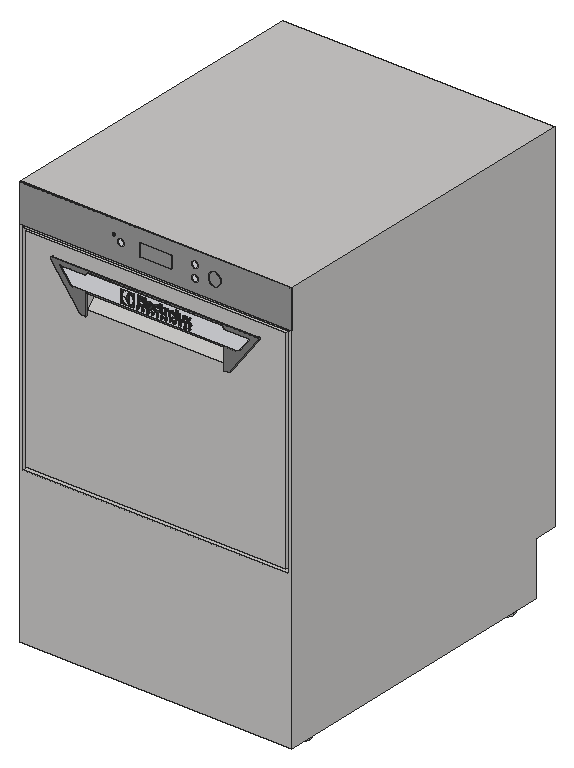
Revit family "QF_ELECTROLUXPROFESSIONAL_402189_ETGWSG1U", category Attrezzature speciali, Revit 2021
Family settings
  Quota connettore circolare = Usa diametro
  Tipo di parte = Normale
  Basato su piano di lavoro = No
  Sempre verticale = Sì
  Taglio con vuoti quando caricato = No
  Condiviso = No
  Punto di calcolo locali = No
Parameters (values of type "Standard")
  Weight = 38.00 kg
  Watts = 2700 W
  Volts = 220 V
  URL Manufacturer = "https://www.electroluxprofessional.com/"
  URL = "https://www.electroluxprofessional.com/"
  Steam Supply Size = 0 mm
  Steam Supply Minimum Pressure = 0.0 Pa
  Steam Supply Maximum Pressure = 0.0 Pa
  Steam Consumption per Hour = 0
  Show Logo [instance] = yes
  Show Clearance [instance] = yes
  Refrigeration Suction Line Size = 0 mm
  Refrigeration Liquid Line Size = 0 mm
  Refrigerant Compressor Remote = yes
  Produttore = "Electrolux Professional"
  Phase = 1
  Modello = "ETGWSG1U"
  Length Actual = 455 mm  # constant formula
  Item Number = "402189"
  Hot Water Size = 0 mm
  Height Actual = 700 mm  # constant formula
  HP = "3.6 HP"
  Gas Size = 0 mm
  Gas KW = 0
  Gas Input Pressure = 0 W
  Direct Waste Size = 29 mm
  Descrizione = "UC GLASSWASHER (S), ELECTRONIC, SINGLE SKIN, PRESSURE, RINSE AID+DET.PUMP, DRAIN P, TANK FILT, 40R/H, 230V/1/50,UK PLUG"
  Prospetto di default = 0 mm
  Depth Actual = 550 mm  # constant formula
  Cycle = 50 Hz
  Condensate Return Size = 0 mm
  Compressed Air Volume = 0.0 L/s
  Compressed Air Size = 0 mm
  Compressed Air Pressure = 0.0 Pa
  Cold Water Size = 19.05 mm
  Accessory = yes
Reference planes
  plane 1 "Center (Front/Back)": y = 0
  plane 2: z = 0
  plane 3 "Center (Left/Right)": x = 0
  plane 4 "LEFT": x = -227.5
  plane 5 "RIGHT": x = 227.5
  plane 6 "FRONT": y = -275
  plane 7 "BACK": y = 275
  plane 8: z = 700
  plane 9: z = 10
  plane 10: y = 236
  plane 11 "2": y = -274
Forms (mm)
  Extrusion 1, solid, material "QF_Finishes_Stainless Steel", detail levels medium+fine
    sketch origin (0, 0, 0) x (1, 0, 0) y (0, 1, 0)
      loop
        line (-227.5, -275) -> (227.5, -275) -> (227.5, 236) -> (-227.5, 236) -> (-227.5, -275)
    from 10 to 700
  Extrusion 2, solid, material "QF_Finishes_Stainless Steel", detail levels medium+fine
    sketch origin (0, 0, 0) x (1, 0, 0) y (0, 1, 0)
      loop
        line (-227.5, 236) -> (227.5, 236) -> (227.5, 275) -> (-227.5, 275) -> (-227.5, 236)
    from 100 to 700
  Extrusion 3, solid, material "QF_Finishes_Stainless Steel", detail levels fine
    sketch origin (0, 0, 0) x (1, 0, 0) y (0, 1, 0)
      loop
        circle (-208, 198) r 12.5
      loop
        circle (208, 198) r 12.5
      loop
        circle (-208, -228) r 12.5
      loop
        circle (208, -228) r 12.5
    from 0 to 10
  Extrusion 4, void
    sketch origin (-227.5, -275, 0) x (-1, 0, 0) y (0, 0, 1)
      loop
        line (-5, 634.145) -> (-450, 634.145) -> (-450, 270) -> (-5, 270) -> (-5, 634.145)
    from 0 to 30
  Extrusion 5, solid, material "QF_Finishes_Stainless Steel"
    sketch origin (-212, -392, 752) x (0, 0, -1) y (1, 0, 0)
      loop
        circle (693, 215.5) r 10
    from -628 to -667
  Extrusion 6, solid, material "QF_Finishes_Stainless Steel"
    sketch origin (-432.481, -392, 722) x (0, 0, -1) y (1, 0, 0)
      loop
        circle (663, 324.981) r 8
    from -628 to -667
  Extrusion 7, solid, material "QF_Finishes_Stainless Steel"
    sketch origin (-268, -392, 682.5) x (0, 0, -1) y (1, 0, 0)
      loop
        circle (663, 230.5) r 8
    from -628 to -667
  Extrusion 8, solid, material "QF_Finishes_Stainless Steel"
    sketch origin (-50.5, 508.026, -145.045) x (0, -1, 0) y (0, 0, 1)
      loop
        line (755.578, 774.145) -> (755.578, 420.045) -> (783.026, 420.045) -> (783.026, 774.145) -> (755.578, 774.145)
    from -268.245 to 167
  Extrusion 9, solid, material "QF_Finishes_Grey"
    sketch origin (1109.779, -277.6, -140) x (-1, 0, 0) y (0, 0, 1)
      loop
        line (1224.779, 677.936) -> (1231.15, 677.936)
        arc (1231.15, 677.936) -> (1234.782, 678.808) -> (1237.622, 681.234) r 8
        line (1237.622, 681.234) -> (1283.237, 744.017)
        arc (1283.237, 744.017) -> (1283.404, 746.136) -> (1281.591, 747.247) r 2.035
        line (1281.591, 747.247) -> (937.967, 747.247)
        arc (937.967, 747.247) -> (936.154, 746.136) -> (936.321, 744.017) r 2.035
        line (936.321, 744.017) -> (981.935, 681.234)
        arc (981.935, 681.234) -> (984.775, 678.808) -> (988.407, 677.936) r 8
        line (988.407, 677.936) -> (994.779, 677.936) -> (994.779, 712.928) -> (1224.779, 712.928) -> (1224.779, 677.936)
      loop
        line (1252.743, 719.058) -> (1268.137, 740.247) -> (1224.779, 740.247) -> (1221.329, 745.174) -> (998.229, 745.174) -> (994.779, 740.247) -> (951.42, 740.247) -> (966.815, 719.058)
        arc (966.815, 719.058) -> (970.365, 716.026) -> (974.905, 714.936) r 10
        line (974.905, 714.936) -> (1244.653, 714.936)
        arc (1244.653, 714.936) -> (1249.192, 716.026) -> (1252.743, 719.058) r 10
    from 2.6 to 0.6
  Extrusion 10, solid, material "QF_Finishes_White"
    sketch origin (1109.779, -277.552, -140) x (-1, 0, 0) y (0, 0, 1)
      loop
        arc (1244.653, 714.936) -> (1249.192, 716.026) -> (1252.743, 719.058) r 10
        line (1252.743, 719.058) -> (1268.137, 740.247) -> (1224.779, 740.247) -> (1221.329, 745.174) -> (998.229, 745.174) -> (994.779, 740.247) -> (951.42, 740.247) -> (966.815, 719.058)
        arc (966.815, 719.058) -> (970.365, 716.026) -> (974.905, 714.936) r 10
        line (974.905, 714.936) -> (1244.653, 714.936)
      loop
        line (1134.538, 728.308) -> (1129.975, 728.308) -> (1129.975, 725.979) -> (1134.559, 725.979) -> (1135.532, 726.049)
        spline (1135.532, 726.049) -> (1136.121, 726.164) -> (1136.653, 726.332) -> (1137.128, 726.553) -> (1137.548, 726.825) -> (1137.914, 727.144) -> (1138.226, 727.51) -> (1138.487, 727.921) -> (1138.698, 728.373) -> (1138.86, 728.866) -> (1138.974, 729.398) -> (1139.041, 729.966) -> (1139.063, 730.569)
        line (1139.063, 730.569) -> (1139.063, 740.368) -> (1130.147, 740.368) -> (1130.147, 738.037) -> (1136.586, 738.037) -> (1136.586, 734.634) -> (1130.533, 734.634) -> (1130.533, 732.296) -> (1136.585, 732.296) -> (1136.585, 730.463)
        spline (1136.585, 730.463) -> (1136.56, 730.049) -> (1136.488, 729.69) -> (1136.376, 729.381) -> (1136.229, 729.119) -> (1136.054, 728.901) -> (1135.857, 728.723) -> (1135.643, 728.582) -> (1135.419, 728.474) -> (1135.19, 728.396) -> (1134.963, 728.345) -> (1134.744, 728.317) -> (1134.538, 728.308)
      loop
        line (1128.214, 733.569) -> (1128.214, 740.372) -> (1125.736, 740.372) -> (1125.736, 725.976) -> (1128.214, 725.976) -> (1128.214, 733.569)
      loop
        line (1113.463, 731.445) -> (1113.505, 730.574) -> (1121.638, 730.574)
        spline (1121.638, 730.574) -> (1121.593, 730.171) -> (1121.504, 729.795) -> (1121.37, 729.446) -> (1121.194, 729.126) -> (1120.977, 728.838) -> (1120.722, 728.582) -> (1120.431, 728.361) -> (1120.104, 728.176) -> (1119.744, 728.03) -> (1119.353, 727.923) -> (1118.933, 727.857) -> (1118.484, 727.835)
        spline (1118.484, 727.835) -> (1118.178, 727.844) -> (1117.89, 727.87) -> (1117.62, 727.912) -> (1117.365, 727.972) -> (1117.124, 728.048) -> (1116.894, 728.141) -> (1116.675, 728.251) -> (1116.463, 728.376) -> (1116.258, 728.518) -> (1116.057, 728.676) -> (1115.86, 728.849) -> (1115.663, 729.039)
        line (1115.663, 729.039) -> (1114.169, 727.586)
        spline (1114.169, 727.586) -> (1114.509, 727.249) -> (1114.853, 726.951) -> (1115.203, 726.69) -> (1115.558, 726.466) -> (1115.918, 726.275) -> (1116.282, 726.116) -> (1116.652, 725.986) -> (1117.026, 725.885) -> (1117.404, 725.809) -> (1117.788, 725.758) -> (1118.175, 725.728) -> (1118.567, 725.719)
        spline (1118.567, 725.719) -> (1119.371, 725.763) -> (1120.127, 725.892) -> (1120.833, 726.104) -> (1121.482, 726.394) -> (1122.071, 726.76) -> (1122.596, 727.198) -> (1123.053, 727.705) -> (1123.436, 728.277) -> (1123.741, 728.911) -> (1123.965, 729.605) -> (1124.102, 730.353) -> (1124.149, 731.154)
        spline (1124.149, 731.154) -> (1124.1, 731.975) -> (1123.959, 732.742) -> (1123.73, 733.452) -> (1123.419, 734.101) -> (1123.032, 734.686) -> (1122.573, 735.205) -> (1122.048, 735.652) -> (1121.463, 736.026) -> (1120.824, 736.322) -> (1120.134, 736.538) -> (1119.401, 736.67) -> (1118.63, 736.715)
        spline (1118.63, 736.715) -> (1117.874, 736.667) -> (1117.166, 736.528) -> (1116.509, 736.303) -> (1115.907, 735.999) -> (1115.363, 735.622) -> (1114.879, 735.177) -> (1114.461, 734.672) -> (1114.111, 734.112) -> (1113.833, 733.503) -> (1113.63, 732.851) -> (1113.506, 732.163) -> (1113.463, 731.445)
      loop
        line (1115.995, 732.317) -> (1121.575, 732.317)
        spline (1121.575, 732.317) -> (1121.525, 732.627) -> (1121.429, 732.925) -> (1121.29, 733.207) -> (1121.111, 733.471) -> (1120.896, 733.713) -> (1120.647, 733.932) -> (1120.368, 734.125) -> (1120.062, 734.288) -> (1119.732, 734.42) -> (1119.381, 734.518) -> (1119.012, 734.578) -> (1118.63, 734.599)
        spline (1118.63, 734.599) -> (1118.273, 734.578) -> (1117.93, 734.516) -> (1117.605, 734.417) -> (1117.301, 734.284) -> (1117.021, 734.118) -> (1116.767, 733.924) -> (1116.544, 733.705) -> (1116.355, 733.461) -> (1116.202, 733.198) -> (1116.089, 732.918) -> (1116.019, 732.623) -> (1115.995, 732.317)
      loop
        spline (1109.715, 731.217) -> (1109.687, 730.756) -> (1109.604, 730.319) -> (1109.469, 729.908) -> (1109.287, 729.528) -> (1109.06, 729.181) -> (1108.792, 728.87) -> (1108.485, 728.598) -> (1108.144, 728.369) -> (1107.772, 728.186) -> (1107.371, 728.051) -> (1106.946, 727.967) -> (1106.499, 727.939)
        spline (1106.499, 727.939) -> (1106.225, 727.948) -> (1105.962, 727.973) -> (1105.711, 728.015) -> (1105.469, 728.073) -> (1105.238, 728.148) -> (1105.016, 728.237) -> (1104.802, 728.342) -> (1104.597, 728.462) -> (1104.399, 728.595) -> (1104.207, 728.743) -> (1104.023, 728.905) -> (1103.844, 729.08)
        line (1103.844, 729.08) -> (1102.308, 727.483)
        spline (1102.308, 727.483) -> (1102.614, 727.177) -> (1102.928, 726.902) -> (1103.252, 726.658) -> (1103.584, 726.443) -> (1103.924, 726.256) -> (1104.271, 726.098) -> (1104.626, 725.966) -> (1104.988, 725.859) -> (1105.357, 725.778) -> (1105.732, 725.722) -> (1106.113, 725.688) -> (1106.499, 725.677)
        spline (1106.499, 725.677) -> (1107.273, 725.725) -> (1108.015, 725.866) -> (1108.718, 726.094) -> (1109.375, 726.403) -> (1109.979, 726.79) -> (1110.524, 727.249) -> (1111.004, 727.774) -> (1111.411, 728.361) -> (1111.739, 729.003) -> (1111.982, 729.697) -> (1112.132, 730.437) -> (1112.184, 731.217)
        spline (1112.184, 731.217) -> (1112.132, 731.997) -> (1111.982, 732.737) -> (1111.739, 733.431) -> (1111.411, 734.073) -> (1111.004, 734.66) -> (1110.524, 735.185) -> (1109.979, 735.644) -> (1109.375, 736.03) -> (1108.718, 736.34) -> (1108.015, 736.568) -> (1107.273, 736.709) -> (1106.499, 736.757)
        spline (1106.499, 736.757) -> (1106.113, 736.746) -> (1105.732, 736.712) -> (1105.357, 736.655) -> (1104.988, 736.574) -> (1104.626, 736.468) -> (1104.271, 736.336) -> (1103.924, 736.178) -> (1103.584, 735.991) -> (1103.252, 735.776) -> (1102.928, 735.532) -> (1102.614, 735.257) -> (1102.308, 734.952)
        line (1102.308, 734.952) -> (1103.844, 733.354)
        spline (1103.844, 733.354) -> (1104.023, 733.529) -> (1104.207, 733.691) -> (1104.399, 733.839) -> (1104.597, 733.972) -> (1104.802, 734.092) -> (1105.016, 734.197) -> (1105.238, 734.286) -> (1105.469, 734.361) -> (1105.711, 734.419) -> (1105.962, 734.461) -> (1106.225, 734.486) -> (1106.499, 734.495)
        spline (1106.499, 734.495) -> (1106.946, 734.467) -> (1107.371, 734.383) -> (1107.772, 734.248) -> (1108.144, 734.065) -> (1108.485, 733.836) -> (1108.792, 733.564) -> (1109.06, 733.253) -> (1109.287, 732.906) -> (1109.469, 732.526) -> (1109.604, 732.115) -> (1109.687, 731.678) -> (1109.715, 731.217)
      loop
        line (1095.989, 728.305) -> (1095.998, 725.976) -> (1097.045, 726.023)
        spline (1097.045, 726.023) -> (1097.633, 726.122) -> (1098.166, 726.275) -> (1098.647, 726.479) -> (1099.075, 726.732) -> (1099.453, 727.033) -> (1099.78, 727.38) -> (1100.059, 727.772) -> (1100.291, 728.205) -> (1100.476, 728.678) -> (1100.616, 729.19) -> (1100.712, 729.738) -> (1100.765, 730.321)
        line (1100.765, 730.321) -> (1100.765, 740.372) -> (1098.287, 740.372) -> (1098.287, 736.386) -> (1096.036, 736.386) -> (1096.036, 734.135) -> (1098.29, 734.135) -> (1098.29, 730.462)
        spline (1098.29, 730.462) -> (1098.238, 730.026) -> (1098.14, 729.649) -> (1098.002, 729.329) -> (1097.831, 729.061) -> (1097.632, 728.84) -> (1097.412, 728.664) -> (1097.177, 728.527) -> (1096.933, 728.427) -> (1096.686, 728.358) -> (1096.442, 728.318) -> (1096.208, 728.301) -> (1095.989, 728.305)
      loop
        line (1087.65, 736.531) -> (1087.65, 734.134) -> (1088.683, 734.238)
        spline (1088.683, 734.238) -> (1089.099, 734.216) -> (1089.487, 734.15) -> (1089.845, 734.043) -> (1090.173, 733.896) -> (1090.469, 733.71) -> (1090.73, 733.487) -> (1090.956, 733.228) -> (1091.145, 732.934) -> (1091.294, 732.608) -> (1091.403, 732.251) -> (1091.469, 731.864) -> (1091.492, 731.449)
        line (1091.492, 731.449) -> (1091.492, 725.976) -> (1093.95, 725.976) -> (1093.95, 736.386) -> (1091.492, 736.386) -> (1091.492, 734.838)
        spline (1091.492, 734.838) -> (1091.301, 735.126) -> (1091.083, 735.392) -> (1090.839, 735.633) -> (1090.57, 735.849) -> (1090.276, 736.038) -> (1089.961, 736.2) -> (1089.623, 736.333) -> (1089.265, 736.436) -> (1088.888, 736.509) -> (1088.492, 736.549) -> (1088.079, 736.557) -> (1087.65, 736.531)
      loop
        spline (1075.91, 731.181) -> (1075.962, 730.417) -> (1076.113, 729.689) -> (1076.356, 729.004) -> (1076.685, 728.365) -> (1077.093, 727.78) -> (1077.573, 727.254) -> (1078.119, 726.793) -> (1078.723, 726.403) -> (1079.379, 726.089) -> (1080.08, 725.858) -> (1080.819, 725.715) -> (1081.59, 725.666)
        spline (1081.59, 725.666) -> (1082.366, 725.715) -> (1083.108, 725.858) -> (1083.811, 726.089) -> (1084.468, 726.403) -> (1085.071, 726.793) -> (1085.616, 727.254) -> (1086.094, 727.78) -> (1086.501, 728.365) -> (1086.828, 729.004) -> (1087.07, 729.689) -> (1087.22, 730.417) -> (1087.271, 731.181)
        spline (1087.271, 731.181) -> (1087.22, 731.944) -> (1087.07, 732.672) -> (1086.828, 733.358) -> (1086.501, 733.997) -> (1086.094, 734.582) -> (1085.616, 735.108) -> (1085.071, 735.569) -> (1084.468, 735.959) -> (1083.811, 736.272) -> (1083.108, 736.503) -> (1082.366, 736.646) -> (1081.59, 736.695)
        spline (1081.59, 736.695) -> (1080.819, 736.646) -> (1080.08, 736.503) -> (1079.379, 736.272) -> (1078.723, 735.959) -> (1078.119, 735.569) -> (1077.573, 735.108) -> (1077.093, 734.582) -> (1076.685, 733.997) -> (1076.356, 733.358) -> (1076.113, 732.672) -> (1075.962, 731.944) -> (1075.91, 731.181)
      loop
        spline (1078.369, 731.181) -> (1078.397, 730.73) -> (1078.481, 730.301) -> (1078.617, 729.895) -> (1078.8, 729.517) -> (1079.028, 729.171) -> (1079.298, 728.859) -> (1079.605, 728.586) -> (1079.947, 728.355) -> (1080.32, 728.168) -> (1080.72, 728.031) -> (1081.145, 727.946) -> (1081.59, 727.917)
        spline (1081.59, 727.917) -> (1082.04, 727.946) -> (1082.467, 728.031) -> (1082.869, 728.168) -> (1083.243, 728.355) -> (1083.584, 728.586) -> (1083.89, 728.859) -> (1084.159, 729.171) -> (1084.385, 729.517) -> (1084.567, 729.895) -> (1084.701, 730.301) -> (1084.784, 730.73) -> (1084.812, 731.181)
        spline (1084.812, 731.181) -> (1084.784, 731.631) -> (1084.701, 732.061) -> (1084.567, 732.466) -> (1084.385, 732.844) -> (1084.159, 733.19) -> (1083.89, 733.502) -> (1083.584, 733.775) -> (1083.243, 734.007) -> (1082.869, 734.193) -> (1082.467, 734.33) -> (1082.04, 734.415) -> (1081.59, 734.444)
        spline (1081.59, 734.444) -> (1081.145, 734.415) -> (1080.72, 734.33) -> (1080.32, 734.193) -> (1079.947, 734.007) -> (1079.605, 733.775) -> (1079.298, 733.502) -> (1079.028, 733.19) -> (1078.8, 732.844) -> (1078.617, 732.466) -> (1078.481, 732.061) -> (1078.397, 731.631) -> (1078.369, 731.181)
      loop
        line (1074.386, 733.817) -> (1074.386, 740.372) -> (1071.907, 740.372) -> (1071.907, 725.976) -> (1074.386, 725.976) -> (1074.386, 733.817)
      loop
        line (1062.968, 736.386) -> (1060.469, 736.386) -> (1060.469, 730.169)
        spline (1060.469, 730.169) -> (1060.514, 729.447) -> (1060.644, 728.791) -> (1060.852, 728.199) -> (1061.133, 727.671) -> (1061.481, 727.207) -> (1061.889, 726.807) -> (1062.351, 726.469) -> (1062.862, 726.193) -> (1063.414, 725.98) -> (1064.002, 725.828) -> (1064.619, 725.737) -> (1065.26, 725.707)
        spline (1065.26, 725.707) -> (1065.896, 725.737) -> (1066.509, 725.826) -> (1067.092, 725.976) -> (1067.64, 726.186) -> (1068.146, 726.458) -> (1068.604, 726.791) -> (1069.009, 727.186) -> (1069.353, 727.644) -> (1069.632, 728.164) -> (1069.839, 728.748) -> (1069.967, 729.395) -> (1070.011, 730.106)
        line (1070.011, 730.106) -> (1070.011, 736.386) -> (1067.512, 736.386) -> (1067.512, 730.313)
        spline (1067.512, 730.313) -> (1067.492, 729.924) -> (1067.434, 729.574) -> (1067.34, 729.26) -> (1067.212, 728.983) -> (1067.053, 728.741) -> (1066.864, 728.534) -> (1066.648, 728.362) -> (1066.407, 728.222) -> (1066.144, 728.114) -> (1065.86, 728.039) -> (1065.558, 727.994) -> (1065.24, 727.979)
        spline (1065.24, 727.979) -> (1064.922, 727.994) -> (1064.62, 728.039) -> (1064.336, 728.115) -> (1064.072, 728.223) -> (1063.832, 728.363) -> (1063.616, 728.537) -> (1063.427, 728.746) -> (1063.268, 728.989) -> (1063.14, 729.269) -> (1063.046, 729.586) -> (1062.988, 729.941) -> (1062.968, 730.334)
        line (1062.968, 730.334) -> (1062.968, 736.386)
      loop
        line (1051.091, 729.305) -> (1048.71, 725.976) -> (1051.374, 725.976) -> (1054.018, 729.652) -> (1056.662, 725.976) -> (1059.326, 725.976) -> (1057.534, 728.472) -> (1055.381, 731.47) -> (1057.435, 734.279) -> (1058.975, 736.385) -> (1056.29, 736.385) -> (1054.018, 733.267) -> (1051.766, 736.385) -> (1049.061, 736.385) -> (1050.719, 734.127) -> (1052.654, 731.49) -> (1051.091, 729.305)
      loop
        arc (1137.67, 723.711) -> (1136.024, 722.066) -> (1137.67, 720.421) r 1.645
        line (1137.67, 720.421) -> (1138.564, 720.421) -> (1138.564, 718.734) -> (1139.587, 718.734) -> (1139.587, 723.711) -> (1137.67, 723.711)
      loop
        arc (1137.711, 722.77) -> (1137.007, 722.066) -> (1137.711, 721.361) r 0.704
        line (1137.711, 721.361) -> (1138.564, 721.361) -> (1138.564, 722.77) -> (1137.711, 722.77)
      loop
        arc (1129.861, 723.711) -> (1128.713, 723.243) -> (1128.219, 722.107) r 1.643
        arc (1128.219, 722.107) -> (1128.437, 721.282) -> (1129.061, 720.7) r 1.536
        line (1129.061, 720.7) -> (1127.867, 718.734) -> (1129.028, 718.734) -> (1130.009, 720.366) -> (1130.79, 720.448) -> (1130.79, 718.734) -> (1131.813, 718.734) -> (1131.813, 723.711) -> (1129.861, 723.711)
      loop
        line (1129.951, 721.382) -> (1130.79, 721.382) -> (1130.79, 722.77) -> (1129.882, 722.77)
        arc (1129.882, 722.77) -> (1129.256, 722.043) -> (1129.951, 721.382) r 0.696
      loop
        circle (1121.513, 721.223) r 2.585
      loop
        circle (1121.513, 721.223) r 1.64
      loop
        line (1114.648, 723.711) -> (1111.572, 723.711) -> (1111.572, 722.77) -> (1113.625, 722.77) -> (1113.625, 721.72) -> (1111.752, 721.72) -> (1111.752, 720.78) -> (1113.625, 720.78) -> (1113.625, 718.734) -> (1114.648, 718.734) -> (1114.648, 723.711)
      loop
        line (1107.351, 723.711) -> (1104.199, 723.711) -> (1104.199, 722.77) -> (1106.327, 722.77) -> (1106.327, 721.906) -> (1104.337, 721.906) -> (1104.337, 721.124) -> (1106.327, 721.124) -> (1106.327, 720.296)
        arc (1106.327, 720.296) -> (1106.1, 719.748) -> (1105.552, 719.521) r 0.775
        line (1105.552, 719.521) -> (1104.151, 719.521) -> (1104.151, 718.734) -> (1105.758, 718.734)
        arc (1105.758, 718.734) -> (1106.892, 719.208) -> (1107.351, 720.348) r 1.593
        line (1107.351, 720.348) -> (1107.351, 723.711)
      loop
        arc (1097.457, 722.405) -> (1097.878, 722.739) -> (1098.402, 722.854) r 1.197
        arc (1098.402, 722.854) -> (1098.874, 722.478) -> (1098.547, 721.971) r 0.45
        arc (1098.547, 721.971) -> (1097.983, 721.759) -> (1097.432, 721.513) r 9.883
        arc (1097.432, 721.513) -> (1096.997, 721.229) -> (1096.656, 720.836) r 1.876
        arc (1096.656, 720.836) -> (1096.499, 719.983) -> (1096.804, 719.172) r 1.618
        arc (1096.804, 719.172) -> (1097.495, 718.805) -> (1098.262, 718.652) r 2.696
        arc (1098.262, 718.652) -> (1098.883, 718.714) -> (1099.456, 718.959) r 2.063
        arc (1099.456, 718.959) -> (1099.909, 719.35) -> (1100.219, 719.862) r 1.914
        line (1100.219, 719.862) -> (1099.437, 720.352)
        arc (1099.437, 720.352) -> (1099.173, 719.945) -> (1098.752, 719.703) r 1.033
        arc (1098.752, 719.703) -> (1098.18, 719.588) -> (1097.639, 719.808) r 1.016
        arc (1097.639, 719.808) -> (1097.482, 720.161) -> (1097.68, 720.492) r 0.42
        arc (1097.68, 720.492) -> (1098.186, 720.769) -> (1098.72, 720.985) r 5.041
        arc (1098.72, 720.985) -> (1099.298, 721.289) -> (1099.741, 721.768) r 1.928
        arc (1099.741, 721.768) -> (1099.855, 722.207) -> (1099.866, 722.66) r 1.985
        arc (1099.866, 722.66) -> (1099.75, 723.048) -> (1099.492, 723.359) r 1.013
        arc (1099.492, 723.359) -> (1098.946, 723.67) -> (1098.33, 723.793) r 1.974
        arc (1098.33, 723.793) -> (1097.403, 723.575) -> (1096.722, 722.91) r 1.782
        line (1096.722, 722.91) -> (1097.457, 722.405)
      loop
        arc (1089.939, 722.405) -> (1090.36, 722.739) -> (1090.884, 722.854) r 1.197
        arc (1090.884, 722.854) -> (1091.355, 722.478) -> (1091.029, 721.971) r 0.45
        arc (1091.029, 721.971) -> (1090.464, 721.759) -> (1089.914, 721.513) r 9.883
        arc (1089.914, 721.513) -> (1089.478, 721.229) -> (1089.138, 720.836) r 1.876
        arc (1089.138, 720.836) -> (1088.98, 719.983) -> (1089.286, 719.172) r 1.618
        arc (1089.286, 719.172) -> (1089.977, 718.805) -> (1090.744, 718.652) r 2.696
        arc (1090.744, 718.652) -> (1091.365, 718.714) -> (1091.938, 718.959) r 2.063
        arc (1091.938, 718.959) -> (1092.391, 719.35) -> (1092.701, 719.862) r 1.914
        line (1092.701, 719.862) -> (1091.919, 720.352)
        arc (1091.919, 720.352) -> (1091.655, 719.945) -> (1091.234, 719.703) r 1.033
        arc (1091.234, 719.703) -> (1090.661, 719.588) -> (1090.12, 719.808) r 1.016
        arc (1090.12, 719.808) -> (1089.964, 720.161) -> (1090.162, 720.492) r 0.42
        arc (1090.162, 720.492) -> (1090.667, 720.769) -> (1091.201, 720.985) r 5.041
        arc (1091.201, 720.985) -> (1091.779, 721.289) -> (1092.223, 721.768) r 1.928
        arc (1092.223, 721.768) -> (1092.336, 722.207) -> (1092.348, 722.66) r 1.985
        arc (1092.348, 722.66) -> (1092.232, 723.048) -> (1091.974, 723.359) r 1.013
        arc (1091.974, 723.359) -> (1091.428, 723.67) -> (1090.811, 723.793) r 1.974
        arc (1090.811, 723.793) -> (1089.885, 723.575) -> (1089.203, 722.91) r 1.782
        line (1089.203, 722.91) -> (1089.939, 722.405)
      loop
        line (1084.747, 723.711) -> (1083.724, 723.711) -> (1083.724, 718.734) -> (1084.747, 718.734) -> (1084.747, 723.711)
      loop
        circle (1076.824, 721.223) r 1.548
      loop
        circle (1076.824, 721.223) r 2.585
      loop
        line (1069.959, 718.734) -> (1069.959, 723.711) -> (1068.964, 723.711) -> (1066.687, 720.487) -> (1066.687, 723.711) -> (1065.654, 723.711) -> (1065.654, 718.734) -> (1066.648, 718.734) -> (1068.925, 721.863) -> (1068.925, 718.734) -> (1069.959, 718.734)
      loop
        line (1060.494, 718.734) -> (1061.593, 718.734) -> (1059.088, 723.711) -> (1056.584, 718.734) -> (1057.684, 718.734) -> (1058.168, 719.808) -> (1060.009, 719.808) -> (1060.494, 718.734)
      loop
        line (1059.088, 721.85) -> (1058.628, 720.829) -> (1059.55, 720.829) -> (1059.088, 721.85)
      loop
        line (1051.501, 719.675) -> (1049.587, 719.675) -> (1049.587, 718.734) -> (1052.525, 718.734) -> (1052.525, 723.711) -> (1051.501, 723.711) -> (1051.501, 719.675)
      loop
        line (1166.534, 718.734) -> (1166.534, 740.368) -> (1144.871, 740.368) -> (1144.871, 718.734) -> (1166.534, 718.734)
      loop
        arc (1152.81, 739.306) -> (1145.614, 729.573) -> (1152.81, 719.841) r 10.18
        line (1152.81, 719.841) -> (1152.81, 739.306)
      loop
        arc (1153.8, 737.897) -> (1156.822, 732.473) -> (1162.575, 730.138) r 9.351
        line (1162.575, 730.138) -> (1165.795, 730.138)
        arc (1165.795, 730.138) -> (1161.895, 737.466) -> (1153.8, 739.306) r 9.976
        line (1153.8, 739.306) -> (1153.8, 737.897)
      loop
        line (1165.795, 729.009) -> (1162.575, 729.009)
        arc (1162.575, 729.009) -> (1156.822, 726.674) -> (1153.8, 721.25) r 9.351
        line (1153.8, 721.25) -> (1153.8, 719.591)
        arc (1153.8, 719.591) -> (1161.902, 721.62) -> (1165.795, 729.009) r 10.237
    from 0.552 to 2.552
  Extrusion 11, solid, material "QF_Door-Drawer Clearances", detail levels coarse
    sketch origin (-50.5, 469.81, -129.52) x (0, -1, 0) y (0, 0, 1)
      loop
        arc (1151.948, 404.52) -> (1007.811, 649.792) -> (744.81, 758.257) r 446.578
        line (744.81, 758.257) -> (744.81, 404.52) -> (1151.948, 404.52)
    from -268.245 to 167
  Extrusion 12, solid, material "QF_Finishes_Black"
    sketch origin (1109.779, -277.6, -140) x (-1, 0, 0) y (0, 0, 1)
      loop
        line (1134.538, 728.308) -> (1129.975, 728.308) -> (1129.975, 725.979) -> (1134.559, 725.979) -> (1135.532, 726.049)
        spline (1135.532, 726.049) -> (1136.121, 726.164) -> (1136.653, 726.332) -> (1137.128, 726.553) -> (1137.548, 726.825) -> (1137.914, 727.144) -> (1138.226, 727.51) -> (1138.487, 727.921) -> (1138.698, 728.373) -> (1138.86, 728.866) -> (1138.974, 729.398) -> (1139.041, 729.966) -> (1139.063, 730.569)
        line (1139.063, 730.569) -> (1139.063, 740.368) -> (1130.147, 740.368) -> (1130.147, 738.037) -> (1136.586, 738.037) -> (1136.586, 734.634) -> (1130.533, 734.634) -> (1130.533, 732.296) -> (1136.585, 732.296) -> (1136.585, 730.463)
        spline (1136.585, 730.463) -> (1136.56, 730.049) -> (1136.488, 729.69) -> (1136.376, 729.381) -> (1136.229, 729.119) -> (1136.054, 728.901) -> (1135.857, 728.723) -> (1135.643, 728.582) -> (1135.419, 728.474) -> (1135.19, 728.396) -> (1134.963, 728.345) -> (1134.744, 728.317) -> (1134.538, 728.308)
      loop
        line (1128.214, 733.569) -> (1128.214, 740.372) -> (1125.736, 740.372) -> (1125.736, 725.976) -> (1128.214, 725.976) -> (1128.214, 733.569)
      loop
        line (1113.463, 731.445) -> (1113.505, 730.574) -> (1121.638, 730.574)
        spline (1121.638, 730.574) -> (1121.593, 730.171) -> (1121.504, 729.795) -> (1121.37, 729.446) -> (1121.194, 729.126) -> (1120.977, 728.838) -> (1120.722, 728.582) -> (1120.431, 728.361) -> (1120.104, 728.176) -> (1119.744, 728.03) -> (1119.353, 727.923) -> (1118.933, 727.857) -> (1118.484, 727.835)
        spline (1118.484, 727.835) -> (1118.178, 727.844) -> (1117.89, 727.87) -> (1117.62, 727.912) -> (1117.365, 727.972) -> (1117.124, 728.048) -> (1116.894, 728.141) -> (1116.675, 728.251) -> (1116.463, 728.376) -> (1116.258, 728.518) -> (1116.057, 728.676) -> (1115.86, 728.849) -> (1115.663, 729.039)
        line (1115.663, 729.039) -> (1114.169, 727.586)
        spline (1114.169, 727.586) -> (1114.509, 727.249) -> (1114.853, 726.951) -> (1115.203, 726.69) -> (1115.558, 726.466) -> (1115.918, 726.275) -> (1116.282, 726.116) -> (1116.652, 725.986) -> (1117.026, 725.885) -> (1117.404, 725.809) -> (1117.788, 725.758) -> (1118.175, 725.728) -> (1118.567, 725.719)
        spline (1118.567, 725.719) -> (1119.371, 725.763) -> (1120.127, 725.892) -> (1120.833, 726.104) -> (1121.482, 726.394) -> (1122.071, 726.76) -> (1122.596, 727.198) -> (1123.053, 727.705) -> (1123.436, 728.277) -> (1123.741, 728.911) -> (1123.965, 729.605) -> (1124.102, 730.353) -> (1124.149, 731.154)
        spline (1124.149, 731.154) -> (1124.1, 731.975) -> (1123.959, 732.742) -> (1123.73, 733.452) -> (1123.419, 734.101) -> (1123.032, 734.686) -> (1122.573, 735.205) -> (1122.048, 735.652) -> (1121.463, 736.026) -> (1120.824, 736.322) -> (1120.134, 736.538) -> (1119.401, 736.67) -> (1118.63, 736.715)
        spline (1118.63, 736.715) -> (1117.874, 736.667) -> (1117.166, 736.528) -> (1116.509, 736.303) -> (1115.907, 735.999) -> (1115.363, 735.622) -> (1114.879, 735.177) -> (1114.461, 734.672) -> (1114.111, 734.112) -> (1113.833, 733.503) -> (1113.63, 732.851) -> (1113.506, 732.163) -> (1113.463, 731.445)
      loop
        line (1115.995, 732.317) -> (1121.575, 732.317)
        spline (1121.575, 732.317) -> (1121.525, 732.627) -> (1121.429, 732.925) -> (1121.29, 733.207) -> (1121.111, 733.471) -> (1120.896, 733.713) -> (1120.647, 733.932) -> (1120.368, 734.125) -> (1120.062, 734.288) -> (1119.732, 734.42) -> (1119.381, 734.518) -> (1119.012, 734.578) -> (1118.63, 734.599)
        spline (1118.63, 734.599) -> (1118.273, 734.578) -> (1117.93, 734.516) -> (1117.605, 734.417) -> (1117.301, 734.284) -> (1117.021, 734.118) -> (1116.767, 733.924) -> (1116.544, 733.705) -> (1116.355, 733.461) -> (1116.202, 733.198) -> (1116.089, 732.918) -> (1116.019, 732.623) -> (1115.995, 732.317)
      loop
        spline (1109.715, 731.217) -> (1109.687, 730.756) -> (1109.604, 730.319) -> (1109.469, 729.908) -> (1109.287, 729.528) -> (1109.06, 729.181) -> (1108.792, 728.87) -> (1108.485, 728.598) -> (1108.144, 728.369) -> (1107.772, 728.186) -> (1107.371, 728.051) -> (1106.946, 727.967) -> (1106.499, 727.939)
        spline (1106.499, 727.939) -> (1106.225, 727.948) -> (1105.962, 727.973) -> (1105.711, 728.015) -> (1105.469, 728.073) -> (1105.238, 728.148) -> (1105.016, 728.237) -> (1104.802, 728.342) -> (1104.597, 728.462) -> (1104.399, 728.595) -> (1104.207, 728.743) -> (1104.023, 728.905) -> (1103.844, 729.08)
        line (1103.844, 729.08) -> (1102.308, 727.483)
        spline (1102.308, 727.483) -> (1102.614, 727.177) -> (1102.928, 726.902) -> (1103.252, 726.658) -> (1103.584, 726.443) -> (1103.924, 726.256) -> (1104.271, 726.098) -> (1104.626, 725.966) -> (1104.988, 725.859) -> (1105.357, 725.778) -> (1105.732, 725.722) -> (1106.113, 725.688) -> (1106.499, 725.677)
        spline (1106.499, 725.677) -> (1107.273, 725.725) -> (1108.015, 725.866) -> (1108.718, 726.094) -> (1109.375, 726.403) -> (1109.979, 726.79) -> (1110.524, 727.249) -> (1111.004, 727.774) -> (1111.411, 728.361) -> (1111.739, 729.003) -> (1111.982, 729.697) -> (1112.132, 730.437) -> (1112.184, 731.217)
        spline (1112.184, 731.217) -> (1112.132, 731.997) -> (1111.982, 732.737) -> (1111.739, 733.431) -> (1111.411, 734.073) -> (1111.004, 734.66) -> (1110.524, 735.185) -> (1109.979, 735.644) -> (1109.375, 736.03) -> (1108.718, 736.34) -> (1108.015, 736.568) -> (1107.273, 736.709) -> (1106.499, 736.757)
        spline (1106.499, 736.757) -> (1106.113, 736.746) -> (1105.732, 736.712) -> (1105.357, 736.655) -> (1104.988, 736.574) -> (1104.626, 736.468) -> (1104.271, 736.336) -> (1103.924, 736.178) -> (1103.584, 735.991) -> (1103.252, 735.776) -> (1102.928, 735.532) -> (1102.614, 735.257) -> (1102.308, 734.952)
        line (1102.308, 734.952) -> (1103.844, 733.354)
        spline (1103.844, 733.354) -> (1104.023, 733.529) -> (1104.207, 733.691) -> (1104.399, 733.839) -> (1104.597, 733.972) -> (1104.802, 734.092) -> (1105.016, 734.197) -> (1105.238, 734.286) -> (1105.469, 734.361) -> (1105.711, 734.419) -> (1105.962, 734.461) -> (1106.225, 734.486) -> (1106.499, 734.495)
        spline (1106.499, 734.495) -> (1106.946, 734.467) -> (1107.371, 734.383) -> (1107.772, 734.248) -> (1108.144, 734.065) -> (1108.485, 733.836) -> (1108.792, 733.564) -> (1109.06, 733.253) -> (1109.287, 732.906) -> (1109.469, 732.526) -> (1109.604, 732.115) -> (1109.687, 731.678) -> (1109.715, 731.217)
      loop
        line (1095.989, 728.305) -> (1095.998, 725.976) -> (1097.045, 726.023)
        spline (1097.045, 726.023) -> (1097.633, 726.122) -> (1098.166, 726.275) -> (1098.647, 726.479) -> (1099.075, 726.732) -> (1099.453, 727.033) -> (1099.78, 727.38) -> (1100.059, 727.772) -> (1100.291, 728.205) -> (1100.476, 728.678) -> (1100.616, 729.19) -> (1100.712, 729.738) -> (1100.765, 730.321)
        line (1100.765, 730.321) -> (1100.765, 740.372) -> (1098.287, 740.372) -> (1098.287, 736.386) -> (1096.036, 736.386) -> (1096.036, 734.135) -> (1098.29, 734.135) -> (1098.29, 730.462)
        spline (1098.29, 730.462) -> (1098.238, 730.026) -> (1098.14, 729.649) -> (1098.002, 729.329) -> (1097.831, 729.061) -> (1097.632, 728.84) -> (1097.412, 728.664) -> (1097.177, 728.527) -> (1096.933, 728.427) -> (1096.686, 728.358) -> (1096.442, 728.318) -> (1096.208, 728.301) -> (1095.989, 728.305)
      loop
        line (1087.65, 736.531) -> (1087.65, 734.134) -> (1088.683, 734.238)
        spline (1088.683, 734.238) -> (1089.099, 734.216) -> (1089.487, 734.15) -> (1089.845, 734.043) -> (1090.173, 733.896) -> (1090.469, 733.71) -> (1090.73, 733.487) -> (1090.956, 733.228) -> (1091.145, 732.934) -> (1091.294, 732.608) -> (1091.403, 732.251) -> (1091.469, 731.864) -> (1091.492, 731.449)
        line (1091.492, 731.449) -> (1091.492, 725.976) -> (1093.95, 725.976) -> (1093.95, 736.386) -> (1091.492, 736.386) -> (1091.492, 734.838)
        spline (1091.492, 734.838) -> (1091.301, 735.126) -> (1091.083, 735.392) -> (1090.839, 735.633) -> (1090.57, 735.849) -> (1090.276, 736.038) -> (1089.961, 736.2) -> (1089.623, 736.333) -> (1089.265, 736.436) -> (1088.888, 736.509) -> (1088.492, 736.549) -> (1088.079, 736.557) -> (1087.65, 736.531)
      loop
        spline (1075.91, 731.181) -> (1075.962, 730.417) -> (1076.113, 729.689) -> (1076.356, 729.004) -> (1076.685, 728.365) -> (1077.093, 727.78) -> (1077.573, 727.254) -> (1078.119, 726.793) -> (1078.723, 726.403) -> (1079.379, 726.089) -> (1080.08, 725.858) -> (1080.819, 725.715) -> (1081.59, 725.666)
        spline (1081.59, 725.666) -> (1082.366, 725.715) -> (1083.108, 725.858) -> (1083.811, 726.089) -> (1084.468, 726.403) -> (1085.071, 726.793) -> (1085.616, 727.254) -> (1086.094, 727.78) -> (1086.501, 728.365) -> (1086.828, 729.004) -> (1087.07, 729.689) -> (1087.22, 730.417) -> (1087.271, 731.181)
        spline (1087.271, 731.181) -> (1087.22, 731.944) -> (1087.07, 732.672) -> (1086.828, 733.358) -> (1086.501, 733.997) -> (1086.094, 734.582) -> (1085.616, 735.108) -> (1085.071, 735.569) -> (1084.468, 735.959) -> (1083.811, 736.272) -> (1083.108, 736.503) -> (1082.366, 736.646) -> (1081.59, 736.695)
        spline (1081.59, 736.695) -> (1080.819, 736.646) -> (1080.08, 736.503) -> (1079.379, 736.272) -> (1078.723, 735.959) -> (1078.119, 735.569) -> (1077.573, 735.108) -> (1077.093, 734.582) -> (1076.685, 733.997) -> (1076.356, 733.358) -> (1076.113, 732.672) -> (1075.962, 731.944) -> (1075.91, 731.181)
      loop
        spline (1078.369, 731.181) -> (1078.397, 730.73) -> (1078.481, 730.301) -> (1078.617, 729.895) -> (1078.8, 729.517) -> (1079.028, 729.171) -> (1079.298, 728.859) -> (1079.605, 728.586) -> (1079.947, 728.355) -> (1080.32, 728.168) -> (1080.72, 728.031) -> (1081.145, 727.946) -> (1081.59, 727.917)
        spline (1081.59, 727.917) -> (1082.04, 727.946) -> (1082.467, 728.031) -> (1082.869, 728.168) -> (1083.243, 728.355) -> (1083.584, 728.586) -> (1083.89, 728.859) -> (1084.159, 729.171) -> (1084.385, 729.517) -> (1084.567, 729.895) -> (1084.701, 730.301) -> (1084.784, 730.73) -> (1084.812, 731.181)
        spline (1084.812, 731.181) -> (1084.784, 731.631) -> (1084.701, 732.061) -> (1084.567, 732.466) -> (1084.385, 732.844) -> (1084.159, 733.19) -> (1083.89, 733.502) -> (1083.584, 733.775) -> (1083.243, 734.007) -> (1082.869, 734.193) -> (1082.467, 734.33) -> (1082.04, 734.415) -> (1081.59, 734.444)
        spline (1081.59, 734.444) -> (1081.145, 734.415) -> (1080.72, 734.33) -> (1080.32, 734.193) -> (1079.947, 734.007) -> (1079.605, 733.775) -> (1079.298, 733.502) -> (1079.028, 733.19) -> (1078.8, 732.844) -> (1078.617, 732.466) -> (1078.481, 732.061) -> (1078.397, 731.631) -> (1078.369, 731.181)
      loop
        line (1074.386, 733.817) -> (1074.386, 740.372) -> (1071.907, 740.372) -> (1071.907, 725.976) -> (1074.386, 725.976) -> (1074.386, 733.817)
      loop
        line (1062.968, 736.386) -> (1060.469, 736.386) -> (1060.469, 730.169)
        spline (1060.469, 730.169) -> (1060.514, 729.447) -> (1060.644, 728.791) -> (1060.852, 728.199) -> (1061.133, 727.671) -> (1061.481, 727.207) -> (1061.889, 726.807) -> (1062.351, 726.469) -> (1062.862, 726.193) -> (1063.414, 725.98) -> (1064.002, 725.828) -> (1064.619, 725.737) -> (1065.26, 725.707)
        spline (1065.26, 725.707) -> (1065.896, 725.737) -> (1066.509, 725.826) -> (1067.092, 725.976) -> (1067.64, 726.186) -> (1068.146, 726.458) -> (1068.604, 726.791) -> (1069.009, 727.186) -> (1069.353, 727.644) -> (1069.632, 728.164) -> (1069.839, 728.748) -> (1069.967, 729.395) -> (1070.011, 730.106)
        line (1070.011, 730.106) -> (1070.011, 736.386) -> (1067.512, 736.386) -> (1067.512, 730.313)
        spline (1067.512, 730.313) -> (1067.492, 729.924) -> (1067.434, 729.574) -> (1067.34, 729.26) -> (1067.212, 728.983) -> (1067.053, 728.741) -> (1066.864, 728.534) -> (1066.648, 728.362) -> (1066.407, 728.222) -> (1066.144, 728.114) -> (1065.86, 728.039) -> (1065.558, 727.994) -> (1065.24, 727.979)
        spline (1065.24, 727.979) -> (1064.922, 727.994) -> (1064.62, 728.039) -> (1064.336, 728.115) -> (1064.072, 728.223) -> (1063.832, 728.363) -> (1063.616, 728.537) -> (1063.427, 728.746) -> (1063.268, 728.989) -> (1063.14, 729.269) -> (1063.046, 729.586) -> (1062.988, 729.941) -> (1062.968, 730.334)
        line (1062.968, 730.334) -> (1062.968, 736.386)
      loop
        line (1051.091, 729.305) -> (1048.71, 725.976) -> (1051.374, 725.976) -> (1054.018, 729.652) -> (1056.662, 725.976) -> (1059.326, 725.976) -> (1057.534, 728.472) -> (1055.381, 731.47) -> (1057.435, 734.279) -> (1058.975, 736.385) -> (1056.29, 736.385) -> (1054.018, 733.267) -> (1051.766, 736.385) -> (1049.061, 736.385) -> (1050.719, 734.127) -> (1052.654, 731.49) -> (1051.091, 729.305)
      loop
        arc (1137.67, 723.711) -> (1136.024, 722.066) -> (1137.67, 720.421) r 1.645
        line (1137.67, 720.421) -> (1138.564, 720.421) -> (1138.564, 718.734) -> (1139.587, 718.734) -> (1139.587, 723.711) -> (1137.67, 723.711)
      loop
        arc (1137.711, 722.77) -> (1137.007, 722.066) -> (1137.711, 721.361) r 0.704
        line (1137.711, 721.361) -> (1138.564, 721.361) -> (1138.564, 722.77) -> (1137.711, 722.77)
      loop
        arc (1129.861, 723.711) -> (1128.713, 723.243) -> (1128.219, 722.107) r 1.643
        arc (1128.219, 722.107) -> (1128.437, 721.282) -> (1129.061, 720.7) r 1.536
        line (1129.061, 720.7) -> (1127.867, 718.734) -> (1129.028, 718.734) -> (1130.009, 720.366) -> (1130.79, 720.448) -> (1130.79, 718.734) -> (1131.813, 718.734) -> (1131.813, 723.711) -> (1129.861, 723.711)
      loop
        line (1129.951, 721.382) -> (1130.79, 721.382) -> (1130.79, 722.77) -> (1129.882, 722.77)
        arc (1129.882, 722.77) -> (1129.256, 722.043) -> (1129.951, 721.382) r 0.696
      loop
        circle (1121.513, 721.223) r 2.585
      loop
        circle (1121.513, 721.223) r 1.64
      loop
        line (1114.648, 723.711) -> (1111.572, 723.711) -> (1111.572, 722.77) -> (1113.625, 722.77) -> (1113.625, 721.72) -> (1111.752, 721.72) -> (1111.752, 720.78) -> (1113.625, 720.78) -> (1113.625, 718.734) -> (1114.648, 718.734) -> (1114.648, 723.711)
      loop
        line (1107.351, 723.711) -> (1104.199, 723.711) -> (1104.199, 722.77) -> (1106.327, 722.77) -> (1106.327, 721.906) -> (1104.337, 721.906) -> (1104.337, 721.124) -> (1106.327, 721.124) -> (1106.327, 720.296)
        arc (1106.327, 720.296) -> (1106.1, 719.748) -> (1105.552, 719.521) r 0.775
        line (1105.552, 719.521) -> (1104.151, 719.521) -> (1104.151, 718.734) -> (1105.758, 718.734)
        arc (1105.758, 718.734) -> (1106.892, 719.208) -> (1107.351, 720.348) r 1.593
        line (1107.351, 720.348) -> (1107.351, 723.711)
      loop
        arc (1097.457, 722.405) -> (1097.878, 722.739) -> (1098.402, 722.854) r 1.197
        arc (1098.402, 722.854) -> (1098.874, 722.478) -> (1098.547, 721.971) r 0.45
        arc (1098.547, 721.971) -> (1097.983, 721.759) -> (1097.432, 721.513) r 9.883
        arc (1097.432, 721.513) -> (1096.997, 721.229) -> (1096.656, 720.836) r 1.876
        arc (1096.656, 720.836) -> (1096.499, 719.983) -> (1096.804, 719.172) r 1.618
        arc (1096.804, 719.172) -> (1097.495, 718.805) -> (1098.262, 718.652) r 2.696
        arc (1098.262, 718.652) -> (1098.883, 718.714) -> (1099.456, 718.959) r 2.063
        arc (1099.456, 718.959) -> (1099.909, 719.35) -> (1100.219, 719.862) r 1.914
        line (1100.219, 719.862) -> (1099.437, 720.352)
        arc (1099.437, 720.352) -> (1099.173, 719.945) -> (1098.752, 719.703) r 1.033
        arc (1098.752, 719.703) -> (1098.18, 719.588) -> (1097.639, 719.808) r 1.016
        arc (1097.639, 719.808) -> (1097.482, 720.161) -> (1097.68, 720.492) r 0.42
        arc (1097.68, 720.492) -> (1098.186, 720.769) -> (1098.72, 720.985) r 5.041
        arc (1098.72, 720.985) -> (1099.298, 721.289) -> (1099.741, 721.768) r 1.928
        arc (1099.741, 721.768) -> (1099.855, 722.207) -> (1099.866, 722.66) r 1.985
        arc (1099.866, 722.66) -> (1099.75, 723.048) -> (1099.492, 723.359) r 1.013
        arc (1099.492, 723.359) -> (1098.946, 723.67) -> (1098.33, 723.793) r 1.974
        arc (1098.33, 723.793) -> (1097.403, 723.575) -> (1096.722, 722.91) r 1.782
        line (1096.722, 722.91) -> (1097.457, 722.405)
      loop
        arc (1089.939, 722.405) -> (1090.36, 722.739) -> (1090.884, 722.854) r 1.197
        arc (1090.884, 722.854) -> (1091.355, 722.478) -> (1091.029, 721.971) r 0.45
        arc (1091.029, 721.971) -> (1090.464, 721.759) -> (1089.914, 721.513) r 9.883
        arc (1089.914, 721.513) -> (1089.478, 721.229) -> (1089.138, 720.836) r 1.876
        arc (1089.138, 720.836) -> (1088.98, 719.983) -> (1089.286, 719.172) r 1.618
        arc (1089.286, 719.172) -> (1089.977, 718.805) -> (1090.744, 718.652) r 2.696
        arc (1090.744, 718.652) -> (1091.365, 718.714) -> (1091.938, 718.959) r 2.063
        arc (1091.938, 718.959) -> (1092.391, 719.35) -> (1092.701, 719.862) r 1.914
        line (1092.701, 719.862) -> (1091.919, 720.352)
        arc (1091.919, 720.352) -> (1091.655, 719.945) -> (1091.234, 719.703) r 1.033
        arc (1091.234, 719.703) -> (1090.661, 719.588) -> (1090.12, 719.808) r 1.016
        arc (1090.12, 719.808) -> (1089.964, 720.161) -> (1090.162, 720.492) r 0.42
        arc (1090.162, 720.492) -> (1090.667, 720.769) -> (1091.201, 720.985) r 5.041
        arc (1091.201, 720.985) -> (1091.779, 721.289) -> (1092.223, 721.768) r 1.928
        arc (1092.223, 721.768) -> (1092.336, 722.207) -> (1092.348, 722.66) r 1.985
        arc (1092.348, 722.66) -> (1092.232, 723.048) -> (1091.974, 723.359) r 1.013
        arc (1091.974, 723.359) -> (1091.428, 723.67) -> (1090.811, 723.793) r 1.974
        arc (1090.811, 723.793) -> (1089.885, 723.575) -> (1089.203, 722.91) r 1.782
        line (1089.203, 722.91) -> (1089.939, 722.405)
      loop
        line (1084.747, 723.711) -> (1083.724, 723.711) -> (1083.724, 718.734) -> (1084.747, 718.734) -> (1084.747, 723.711)
      loop
        circle (1076.824, 721.223) r 1.548
      loop
        circle (1076.824, 721.223) r 2.585
      loop
        line (1069.959, 718.734) -> (1069.959, 723.711) -> (1068.964, 723.711) -> (1066.687, 720.487) -> (1066.687, 723.711) -> (1065.654, 723.711) -> (1065.654, 718.734) -> (1066.648, 718.734) -> (1068.925, 721.863) -> (1068.925, 718.734) -> (1069.959, 718.734)
      loop
        line (1060.494, 718.734) -> (1061.593, 718.734) -> (1059.088, 723.711) -> (1056.584, 718.734) -> (1057.684, 718.734) -> (1058.168, 719.808) -> (1060.009, 719.808) -> (1060.494, 718.734)
      loop
        line (1059.088, 721.85) -> (1058.628, 720.829) -> (1059.55, 720.829) -> (1059.088, 721.85)
      loop
        line (1051.501, 719.675) -> (1049.587, 719.675) -> (1049.587, 718.734) -> (1052.525, 718.734) -> (1052.525, 723.711) -> (1051.501, 723.711) -> (1051.501, 719.675)
      loop
        line (1166.534, 718.734) -> (1166.534, 740.368) -> (1144.871, 740.368) -> (1144.871, 718.734) -> (1166.534, 718.734)
      loop
        arc (1152.81, 739.306) -> (1145.614, 729.573) -> (1152.81, 719.841) r 10.18
        line (1152.81, 719.841) -> (1152.81, 739.306)
      loop
        arc (1153.8, 737.897) -> (1156.822, 732.473) -> (1162.575, 730.138) r 9.351
        line (1162.575, 730.138) -> (1165.795, 730.138)
        arc (1165.795, 730.138) -> (1161.895, 737.466) -> (1153.8, 739.306) r 9.976
        line (1153.8, 739.306) -> (1153.8, 737.897)
      loop
        line (1165.795, 729.009) -> (1162.575, 729.009)
        arc (1162.575, 729.009) -> (1156.822, 726.674) -> (1153.8, 721.25) r 9.351
        line (1153.8, 721.25) -> (1153.8, 719.591)
        arc (1153.8, 719.591) -> (1161.902, 721.62) -> (1165.795, 729.009) r 10.237
    from 0.6 to 2.6
  Extrusion 13, void
    sketch origin (680, -275, 0) x (-1, 0, 0) y (0, 0, 1)
      loop
        line (907.5, 700) -> (452.5, 700) -> (452.5, 635.697) -> (907.5, 635.697) -> (907.5, 700)
    from 0 to 1
  Extrusion 14, void
    sketch origin (-227.5, 0, 0) x (0, 1, 0) y (0, 0, 1)
      loop
        line (-275, 607.247) -> (-275, 546.753) -> (-254.506, 567.247) -> (-254.506, 607.247) -> (-275, 607.247)
    from 112.5 to 342.5
Cuts and joins
  Extrusion 4, Extrusion 13, Extrusion 14 cuts Extrusion 1
  Extrusion 13, Extrusion 14 cuts Extrusion 2
  joined: Extrusion 1, Extrusion 2
  Extrusion 14 cuts Extrusion 8
  Extrusion 14 cuts Extrusion 9
  Extrusion 14 cuts Extrusion 11
Lines and regions (mm)
  symbolic lines
    curve 1: line (-227.5, 275, 0) -> (227.5, 275, 0)
    curve 2: line (-227.5, -275, 0) -> (-227.5, 275, 0)
    curve 3: line (227.5, -275, 0) -> (-227.5, -275, 0)
    curve 4: line (227.5, 275, 0) -> (227.5, -275, 0)
    curve 8: line (-222.5, -275, 0) -> (222.5, -275, 0)
    curve 9: line (-222.5, -245, 0) -> (-222.5, -275, 0)
    curve 10: line (222.5, -245, 0) -> (-222.5, -245, 0)
    curve 11: line (222.5, -275, 0) -> (222.5, -245, 0)
  symbolic lines, style "QF_Door-Drawer Clearances"
    curve 5: line (-217.5, -682.138, 0) -> (217.5, -682.138, 0)
    curve 6: line (217.5, -682.138, 0) -> (217.5, -275, 0)
    curve 7: line (-217.5, -682.138, 0) -> (-217.5, -275, 0)
  symbolic lines, style "SpecialityEquipmentHiddenLines"
    curve 12: line (-115, -254.506, 0) -> (115, -254.506, 0)
    curve 13: line (-115, -275, 0) -> (-115, -254.506, 0)
    curve 14: line (115, -254.506, 0) -> (115, -275, 0)
Dimensions and locks
  equal spacing: plane 4 "LEFT", plane 3 "Center (Left/Right)", plane 5 "RIGHT"
  equal spacing: plane 7 "BACK", plane 1 "Center (Front/Back)", plane 6 "FRONT"
  plane 7 "BACK" to plane 6 "FRONT" = 550 mm
  plane 4 "LEFT" to plane 5 "RIGHT" = 455 mm
  locked: plane 9 to level at 10
  plane 4 "LEFT" to plane 3 "Center (Left/Right)" = 227.5 mm
  plane 8 to level = 700 mm  (x2)
  level to Extrusion 7 sketch curve = 19.5 mm
  Extrusion 7 sketch curve to plane 4 "LEFT" = 190 mm
  level to Extrusion 5 sketch curve = 59 mm
  Extrusion 5 sketch curve to plane 4 "LEFT" = 231 mm
  Extrusion 6 sketch curve to plane 4 "LEFT" = 120 mm
  level to Extrusion 6 sketch curve = 59 mm
  Extrusion 3 to cut or joined group of Extrusion 1, Extrusion 2, Extrusion 4, Extrusion 13, Extrusion 14 = 77 mm
  Extrusion 3 to Extrusion 3 = 426 mm
  plane 6 "FRONT" to Extrusion 3 = 47 mm
  plane 1 "Center (Front/Back)" to plane 6 "FRONT" = 275 mm
  locked: plane 7 "BACK" to plane 10 at 39
  plane 6 "FRONT" to curve 5 = 407.138 mm
  aligned and locked: level to plane 2
  aligned and locked: Extrusion 1 sketch curve to plane 6 "FRONT"
  aligned and locked: Extrusion 1 sketch curve to plane 4 "LEFT"
  aligned and locked: plane 5 "RIGHT" to Extrusion 1 sketch curve
  aligned and locked: Extrusion 1 to plane 9
  aligned and locked: Extrusion 2 sketch curve to Extrusion 1
  aligned and locked: plane 7 "BACK" to Extrusion 2 sketch curve
  aligned and locked: plane 5 "RIGHT" to Extrusion 2 sketch curve
  aligned and locked: plane 9 to Extrusion 3
  aligned and locked: cut or joined group of Extrusion 1, Extrusion 2, Extrusion 4, Extrusion 13, Extrusion 14 to plane 10
Automatic sketch dimensions
  Extrusion 9 sketch curve to plane 8 = 95.983 mm  (x2)
  plane 4 "LEFT" to Extrusion 9 sketch curve = 400.958 mm
  Extrusion 9 sketch curve to Extrusion 9 sketch curve = 1.646 mm  (x2)
  Extrusion 9 sketch curve to Extrusion 9 sketch curve = 13.454 mm  (x2)
  Extrusion 9 sketch curve to plane 8 = 120.942 mm  (x2)
  Extrusion 9 sketch curve to Extrusion 9 sketch curve = 15.395 mm  (x2)
  Extrusion 9 sketch curve to Extrusion 9 sketch curve = 8.09 mm  (x2)
  Extrusion 9 sketch curve to plane 8 = 158.766 mm  (x2)
  Extrusion 9 sketch curve to Extrusion 9 sketch curve = 7.03 mm
  Extrusion 9 sketch curve to Extrusion 9 sketch curve = 6.472 mm  (x2)
  Extrusion 9 sketch curve to Extrusion 9 sketch curve = 19.874 mm  (x3)
  Extrusion 9 sketch curve to Extrusion 9 sketch curve = 3.45 mm  (x3)
  Extrusion 9 sketch curve to plane 8 = 94.826 mm
  Extrusion 9 sketch curve to Extrusion 9 sketch curve = 223.1 mm
  Extrusion 9 sketch curve to plane 8 = 162.064 mm
  Extrusion 9 sketch curve to plane 8 = 99.753 mm
  Extrusion 9 sketch curve to Extrusion 9 sketch curve = 6.371 mm
  Extrusion 9 sketch curve to Extrusion 9 sketch curve = 3.298 mm
  Extrusion 9 sketch curve to plane 8 = 127.072 mm
  Extrusion 9 sketch curve to Extrusion 9 sketch curve = 4.122 mm
  Extrusion 9 sketch curve to Extrusion 9 sketch curve = 3.77 mm
  Extrusion 9 sketch curve to Extrusion 9 sketch curve = 1.196 mm
  Extrusion 10 sketch curve to Extrusion 10 sketch curve = 0 mm  (x34)
  Extrusion 10 sketch curve to plane 8 = 99.753 mm  (x2)
  plane 4 "LEFT" to Extrusion 10 sketch curve = 385.859 mm
  Extrusion 10 sketch curve to plane 8 = 120.942 mm  (x2)
  Extrusion 10 sketch curve to Extrusion 10 sketch curve = 15.395 mm  (x2)
  Extrusion 10 sketch curve to Extrusion 10 sketch curve = 8.09 mm  (x2)
  Extrusion 10 sketch curve to Extrusion 10 sketch curve = 19.874 mm  (x2)
  Extrusion 10 sketch curve to plane 8 = 94.826 mm
  Extrusion 10 sketch curve to Extrusion 10 sketch curve = 3.45 mm  (x2)
  Extrusion 10 sketch curve to plane 8 = 114.024 mm  (x3)
  Extrusion 10 sketch curve to Extrusion 10 sketch curve = 50.481 mm
  Extrusion 10 sketch curve to Extrusion 10 sketch curve = 0.351 mm
  Extrusion 10 sketch curve to Extrusion 10 sketch curve = 0.877 mm
  Extrusion 10 sketch curve to plane 8 = 105.873 mm
  Extrusion 10 sketch curve to Extrusion 10 sketch curve = 1.658 mm
  Extrusion 10 sketch curve to plane 8 = 110.695 mm
  Extrusion 10 sketch curve to Extrusion 10 sketch curve = 2.381 mm
  Extrusion 10 sketch curve to Extrusion 10 sketch curve = 2.664 mm
  Extrusion 10 sketch curve to Extrusion 10 sketch curve = 0.127 mm
  Extrusion 10 sketch curve to plane 8 = 103.615 mm  (x2)
  Extrusion 10 sketch curve to Extrusion 10 sketch curve = 1.048 mm
  Extrusion 10 sketch curve to Extrusion 10 sketch curve = 1.023 mm  (x6)
  Extrusion 10 sketch curve to plane 8 = 108.51 mm
  Extrusion 10 sketch curve to Extrusion 10 sketch curve = 1.563 mm
  Extrusion 10 sketch curve to plane 8 = 106.733 mm
  Extrusion 10 sketch curve to Extrusion 10 sketch curve = 1.364 mm  (x2)
  Extrusion 10 sketch curve to plane 8 = 110.348 mm
  Extrusion 10 sketch curve to plane 8 = 108.53 mm
  Extrusion 10 sketch curve to Extrusion 10 sketch curve = 1.363 mm
  Extrusion 10 sketch curve to Extrusion 10 sketch curve = 2.272 mm  (x2)
  Extrusion 10 sketch curve to Extrusion 10 sketch curve = 4.059 mm
  Extrusion 10 sketch curve to Extrusion 10 sketch curve = 2.643 mm
  Extrusion 10 sketch curve to plane 8 = 105.721 mm
  Extrusion 10 sketch curve to Extrusion 10 sketch curve = 1.145 mm
  Extrusion 10 sketch curve to plane 8 = 111.528 mm
  Extrusion 10 sketch curve to Extrusion 10 sketch curve = 0.872 mm
  Extrusion 10 sketch curve to Extrusion 10 sketch curve = 1.1 mm
  Extrusion 10 sketch curve to Extrusion 10 sketch curve = 0.485 mm  (x2)
  Extrusion 10 sketch curve to Extrusion 10 sketch curve = 0.459 mm  (x4)
  Extrusion 10 sketch curve to Extrusion 10 sketch curve = 1.54 mm
  Extrusion 10 sketch curve to plane 8 = 118.15 mm
  Extrusion 10 sketch curve to Extrusion 10 sketch curve = 0.461 mm
  Extrusion 10 sketch curve to plane 8 = 116.289 mm  (x2)
  Extrusion 10 sketch curve to Extrusion 10 sketch curve = 0.238 mm
  Extrusion 10 sketch curve to Extrusion 10 sketch curve = 0.922 mm
  Extrusion 10 sketch curve to Extrusion 10 sketch curve = 1.494 mm  (x2)
  Extrusion 10 sketch curve to plane 8 = 121.266 mm  (x4)
  Extrusion 10 sketch curve to Extrusion 10 sketch curve = 1.099 mm
  Extrusion 10 sketch curve to plane 8 = 109.666 mm
  Extrusion 10 sketch curve to Extrusion 10 sketch curve = 2.498 mm
  Extrusion 10 sketch curve to plane 8 = 112.021 mm
  Extrusion 10 sketch curve to Extrusion 10 sketch curve = 2.273 mm
  Extrusion 10 sketch curve to plane 8 = 114.293 mm
  Extrusion 10 sketch curve to Extrusion 10 sketch curve = 0.02 mm
  Extrusion 10 sketch curve to Extrusion 10 sketch curve = 0.393 mm  (x3)
  Extrusion 10 sketch curve to Extrusion 10 sketch curve = 0.995 mm
  Extrusion 10 sketch curve to Extrusion 10 sketch curve = 1.034 mm  (x2)
  Extrusion 10 sketch curve to Extrusion 10 sketch curve = 2.277 mm
  Extrusion 10 sketch curve to Extrusion 10 sketch curve = 0.039 mm
  Extrusion 10 sketch curve to Extrusion 10 sketch curve = 2.499 mm
  Extrusion 10 sketch curve to Extrusion 10 sketch curve = 1.948 mm
  Extrusion 10 sketch curve to Extrusion 10 sketch curve = 4.375 mm
  Extrusion 10 sketch curve to plane 8 = 108.819 mm  (x4)
  Extrusion 10 sketch curve to Extrusion 10 sketch curve = 1.524 mm
  Extrusion 10 sketch curve to Extrusion 10 sketch curve = 2.438 mm
  Extrusion 10 sketch curve to Extrusion 10 sketch curve = 2.458 mm  (x2)
  Extrusion 10 sketch curve to plane 8 = 105.556 mm
  Extrusion 10 sketch curve to Extrusion 10 sketch curve = 3.221 mm  (x2)
  Extrusion 10 sketch curve to plane 8 = 114.334 mm
  Extrusion 10 sketch curve to plane 8 = 103.305 mm
  Extrusion 10 sketch curve to plane 8 = 112.083 mm
  Extrusion 10 sketch curve to Extrusion 10 sketch curve = 2.133 mm
  Extrusion 10 sketch curve to Extrusion 10 sketch curve = 3.222 mm
  Extrusion 10 sketch curve to Extrusion 10 sketch curve = 2.459 mm
  Extrusion 10 sketch curve to Extrusion 10 sketch curve = 0.379 mm
  Extrusion 10 sketch curve to plane 8 = 105.762 mm
  Extrusion 10 sketch curve to Extrusion 10 sketch curve = 1.033 mm
  Extrusion 10 sketch curve to plane 8 = 117.09 mm  (x2)
  Extrusion 10 sketch curve to Extrusion 10 sketch curve = 4.456 mm
  Extrusion 10 sketch curve to plane 8 = 117.595 mm  (x2)
  Extrusion 10 sketch curve to Extrusion 10 sketch curve = 0.735 mm  (x2)
  Extrusion 10 sketch curve to Extrusion 10 sketch curve = 0.432 mm  (x2)
  Extrusion 10 sketch curve to Extrusion 10 sketch curve = 0.445 mm  (x2)
  Extrusion 10 sketch curve to Extrusion 10 sketch curve = 0.209 mm  (x2)
  Extrusion 10 sketch curve to Extrusion 10 sketch curve = 0.236 mm  (x2)
  Extrusion 10 sketch curve to Extrusion 10 sketch curve = 0.12 mm  (x2)
  Extrusion 10 sketch curve to Extrusion 10 sketch curve = 0.365 mm  (x2)
  Extrusion 10 sketch curve to Extrusion 10 sketch curve = 0.007 mm  (x2)
  Extrusion 10 sketch curve to Extrusion 10 sketch curve = 0.164 mm  (x4)
  Extrusion 10 sketch curve to Extrusion 10 sketch curve = 0.093 mm  (x2)
  Extrusion 10 sketch curve to Extrusion 10 sketch curve = 0.137 mm  (x2)
  Extrusion 10 sketch curve to Extrusion 10 sketch curve = 0.009 mm  (x5)
  Extrusion 10 sketch curve to Extrusion 10 sketch curve = 0.168 mm  (x2)
  Extrusion 10 sketch curve to Extrusion 10 sketch curve = 0.079 mm  (x2)
  Extrusion 10 sketch curve to Extrusion 10 sketch curve = 0.094 mm  (x2)
